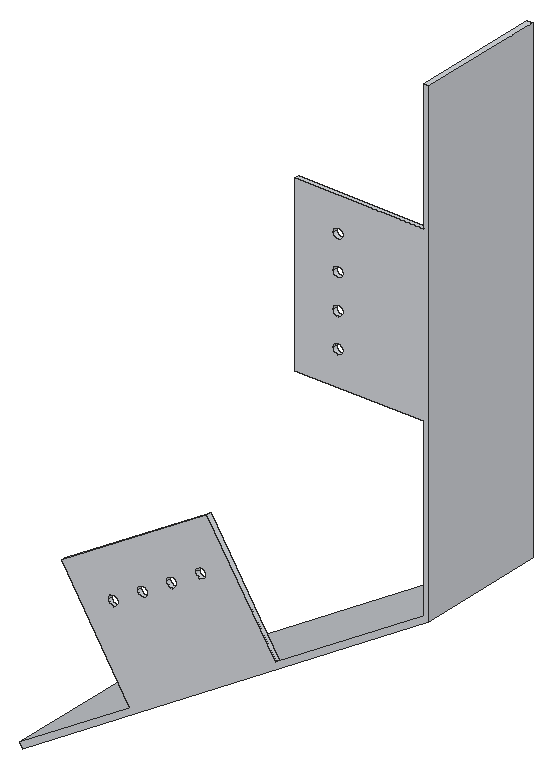
Revit family "050523 - Metal fastenings - Stringer Connector Strong Tie - 18 Guage - Simpson - 11 1_16 x 1 1_2 x 1 12", category Structural Stiffeners, Revit 2019
Family settings
  OmniClass Number = 23.25.30.11.27
  OmniClass Title = Vibration and Earthquake Controls
  Work Plane-Based = Yes
  Always vertical = No
  Cut with Voids When Loaded = No
  Shared = No
Parameters (values of type "Top Plate")
  side lip = 0' - 2"
  side angle lenght = 0' - 5.55709"
  lip width = 0' - 1 31/64"
  lip offset = 0' - 1 1/2"
  connector width = 0' - 1 1/2"
  Width = 0' - 4"
  Thickness = 0' - 0 1/16"
  Substrate Depth = 0' - 2"
  Nut Visibility = yes
  Length = 0' - 6"
  Hole Radius = 0' - 0 3/8"
  Default Elevation = 4' - 0"
  Connector Material = none
  Bolts = 050523 - W_P_C - Fastenings - Lag Bolt or Thru Bolt : 3/8" x 3"
  Bolt Offset - Width Side = 0' - 0 3/4"
  Bolt Offset - Length Side = 0' - 0 3/4"
Types (4): name | Width | Thickness | Nut Visibility | Length | Bolts | Bolt Offset - Width Side | Bolt Offset - Length Side
  5/8in x 6in x 15in | 0' - 6" | 0' - 0 5/8" | no | 1' - 3" | 050523 - W_P_C - Fastenings - Lag Bolt or Thru Bolt : 3/4" x 9" | 0' - 1 1/4" | 0' - 1 3/4"
  2 | 0' - 6" | 0' - 0 5/8" | no | 0' - 10" | 050523 - W_P_C - Fastenings - Lag Bolt or Thru Bolt : 3/4" x 9" | 0' - 1 1/4" | 0' - 2 3/4"
  3.5" plate | 0' - 4" | 0' - 0 1/4" | no | 0' - 6" | 050523 - W_P_C - Fastenings - Lag Bolt or Thru Bolt : 3/8" x 3" | 0' - 0 3/4" | 0' - 0 3/4"
  Top Plate | 0' - 4" | 0' - 0 1/16" | yes | 0' - 6" | 050523 - W_P_C - Fastenings - Lag Bolt or Thru Bolt : 3/8" x 3" | 0' - 0 3/4" | 0' - 0 3/4"
Reference planes (in)
  plane 1 "Center (Front/Back)": y = 0.8018
  plane 2: z = 0
  plane 3 "Center (Left/Right)": x = 0.50012
  plane 4: z = -1.75
  plane 5: through (-6.78848, -180, -4.60333) normal (-0.534, 0, 0.8455)
  plane 6: z = 5.55709
  plane 7: through (-4.92116, -180, -1.82298) normal (0.8455, 0, 0.534)
  plane 8: through (-6.82186, -180, -4.55048) normal (-0.534, 0, 0.8455)
  plane 9 "Center L/S": x = 0.43762
  plane 10 "Center L/T": y = -0.6982
  plane 11: through (-0.2227, -180, 1.14446) normal (0.8455, 0, 0.534)
  plane 12: z = 4.05709
  plane 13: z = 2.05709
  plane 14: through (-3.65292, -180, -1.02199) normal (0.8455, 0, 0.534)
  plane 15: through (-1.96195, -180, 0.04599) normal (0.8455, 0, 0.534)
  plane 16 "Center L/U": x = -1.04676
  plane 17: through (-7.6145, -180, -3.29546) normal (-0.534, 0, 0.8455)
Forms (in)
  Extrusion 1, solid, material <- "Connector Material"
    sketch origin (0, 0.8018, 0) x (1, 0, 0) y (0, 0, 1)
      loop
        line (0.50012, 0) -> (0.50012, 5.55709) -> (0.43762, 5.55709) -> (0.43762, 0.03445) -> (-4.23171, -2.9146) -> (-4.19834, -2.96744) -> (0.50012, 0)
    from 0 to 1.5
  Extrusion 2, solid, material <- "Connector Material"
    sketch origin (0, -0.6982, 0) x (1, 0, 0) y (0, 0, 1)
      loop
        line (0.43762, 4.05709) -> (-1.04676, 4.05709) -> (-1.04676, 2.05709) -> (0.43762, 2.05709) -> (0.43762, 4.05709)
      loop
        line (-1.2725, -1.04563) -> (-2.06515, 0.2094) -> (-3.75613, -0.85859) -> (-2.96348, -2.11361) -> (-1.2725, -1.04563)
      loop
        circle (-3.15093, -1.06774) r 0.05886
      loop
        circle (-2.81274, -0.85414) r 0.05886
      loop
        circle (-2.47454, -0.64054) r 0.05886
      loop
        circle (-2.13635, -0.42695) r 0.05886
      loop
        circle (-0.54676, 2.45709) r 0.05886
      loop
        circle (-0.54676, 2.85709) r 0.05886
      loop
        circle (-0.54676, 3.25709) r 0.05886
      loop
        circle (-0.54676, 3.65709) r 0.05886
    from 0 to -0.04688
Cuts and joins
  joined: Extrusion 1, Extrusion 2
Dimensions and locks (in)
  "Thickness": plane 8 to plane 5
  "Thickness": plane 3 "Center (Left/Right)" to plane 9 "Center L/S"
  "side angle lenght": plane 6 to level
  "side angle lenght": plane 11 to plane 7
  "connector width": plane 10 "Center L/T" to plane 1 "Center (Front/Back)"
  "lip offset": plane 14 to plane 7
  "side lip": plane 15 to plane 14
  "lip offset": plane 6 to plane 12
  "side lip": plane 12 to plane 13
  "lip width": plane 17 to plane 8
  "lip width": plane 9 "Center L/S" to plane 16 "Center L/U"
  aligned and locked: Extrusion 1 sketch curve to plane 6
  aligned and locked: Extrusion 1 sketch curve to plane 7
  aligned and locked: Extrusion 1 to plane 1 "Center (Front/Back)"
  aligned and locked: plane 10 "Center L/T" to Extrusion 1
  aligned and locked: cut or joined group of Extrusion 1, Extrusion 2 to plane 14
  aligned and locked: plane 15 to cut or joined group of Extrusion 1, Extrusion 2
  aligned and locked: plane 12 to cut or joined group of Extrusion 1, Extrusion 2
  aligned and locked: plane 17 to Extrusion 2 sketch curve
  aligned and locked: Extrusion 2 sketch curve to plane 16 "Center L/U"
  aligned and locked: Extrusion 2 sketch curve to plane 13
Automatic sketch dimensions
  plane 8 to Extrusion 1 sketch curve = 0' - 0"
  plane 5 to Extrusion 1 sketch curve = 0' - 0"
  Extrusion 1 sketch curve to plane 9 "Center L/S" = 0' - 0"
  Extrusion 1 sketch curve to level = 0' - 0"
  Extrusion 1 to Extrusion 2 sketch curve = 0' - 0"  (x2)
  Extrusion 2 sketch curve to Extrusion 2 sketch curve = 0' - 0.60519"
  Extrusion 2 sketch curve to Extrusion 2 sketch curve = 0' - 0.3382"  (x3)
  Extrusion 2 sketch curve to Extrusion 2 sketch curve = 0' - 0 1/2"
  Extrusion 2 sketch curve to Extrusion 2 sketch curve = 0' - 0"  (x3)
  Extrusion 2 sketch curve to Extrusion 2 sketch curve = 0' - 0.20915"
  Extrusion 2 sketch curve to Extrusion 2 sketch curve = 0' - 0.2136"  (x3)
  Extrusion 2 sketch curve to Extrusion 2 sketch curve = 0' - 0.4"  (x5)
  Extrusion 1 to Extrusion 2 sketch curve = 0' - 1.71012"
  Extrusion 2 sketch curve to Extrusion 2 sketch curve = 0' - 0.0712"
  radius of Extrusion 2 sketch curve = 0' - 0.05886"  (x8)
